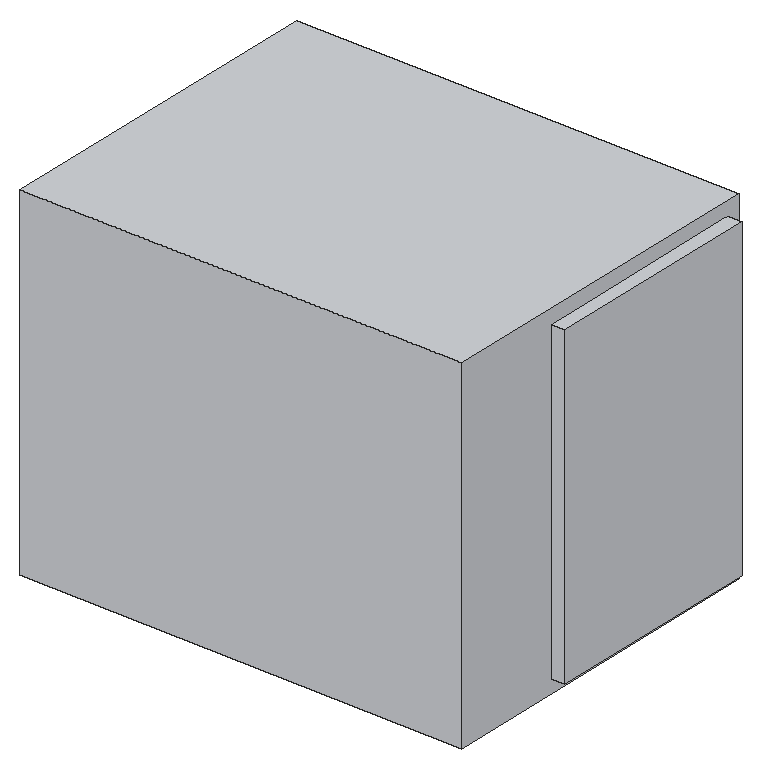
Revit family "M_AHU Módulo de inspeção - Grande", category Equipamento mecânico, Revit 2019
Family settings
  Cota do conector redondo = Utilizar diâmetro
  Tipo de parte = Normal
  Número OmniClass = 23.75.35.14
  Título OmniClass = Air Handling Units
  ID de item do Seek = AHU Inspection Module - Large-0000-CAN-ENU
  Com base no plano de trabalho = Não
  Sempre na vertical = Sim
  Corte com vazios quando carregada = Não
  Compartilhado = Não
  Ponto de cálculo do ambiente = Não
Parameters (values of type "Para 0,3 metros quadrados de serpentina")
  Material do módulo = none
  largura da inspeção = 625 mm
  Comprimento da inspeção = 800 mm
  Altura da inspeção = 625 mm
  Largura do duto = 800 mm
  Altura do duto = 625 mm
  Largura da porta = 400 mm
  Fluxo de ar [instance] = 705.0 L/s
Types (17, lengths in mm): name | largura da inspeção | Comprimento da inspeção | Altura da inspeção | Largura do duto | Altura do duto | Largura da porta | Fluxo de ar
  (no name) | 625 | 800 | 625 | 800 | 625 | 400 | 705.0 L/s
  Para 0,3 metros quadrados de serpentina | 625 | 800 | 625 | 800 | 625 | 400 | 705.0 L/s
  Para 0,6 metros quadrados de serpentina | 700 | 1100 | 700 | 1100 | 700 | 300 | 1410.0 L/s
  Para 0,7 metros quadrados de serpentina | 800 | 1200 | 800 | 1200 | 800 | 300 | 1880.0 L/s
  Para 0,9 metros quadrados de serpentina | 850 | 1500 | 850 | 1500 | 850 | 400 | 2350.0 L/s
  Para 1,1 metros quadrados de serpentina | 850 | 1600 | 950 | 1600 | 950 | 300 | 2820.0 L/s
  Para 1,3 metros quadrados de serpentina | 850 | 1700 | 1000 | 1700 | 1000 | 300 | 3290.0 L/s
  Para 1,6 metros quadrados de serpentina | 850 | 1850 | 1100 | 1850 | 1100 | 300 | 3995.0 L/s
  Para 2,0 metros quadrados de serpentina | 850 | 1900 | 1250 | 1900 | 1250 | 400 | 4935.0 L/s
  Para 2,3 metros quadrados de serpentina | 1000 | 1950 | 1400 | 1950 | 1400 | 400 | 5875.0 L/s
  Para 2,8 metros quadrados de serpentina | 1000 | 2300 | 1400 | 2300 | 1400 | 400 | 7050.0 L/s
  Para 3,3 metros quadrados de serpentina | 1200 | 2400 | 1550 | 2400 | 1550 | 400 | 8460.0 L/s
  Para 3,7 metros quadrados de serpentina | 1200 | 2750 | 1550 | 2750 | 1550 | 400 | 9400.0 L/s
  Para 4,6 metros quadrados de serpentina | 1200 | 3000 | 1850 | 3000 | 1850 | 400 | 11750.0 L/s
  Para 6,1 metros quadrados de serpentina | 1250 | 3500 | 2300 | 3500 | 2300 | 400 | 15510.0 L/s
  Para 7,4 metros quadrados de serpentina | 1350 | 3500 | 2750 | 3500 | 2750 | 400 | 18800.0 L/s
  Para 9,3 metros quadrados de serpentina | 1500 | 3850 | 3000 | 3850 | 3000 | 400 | 23500.0 L/s
Reference planes
  plane 1 "Centro (Frente/Trás)": y = 0
  plane 2: z = 0
  plane 3 "Centro (Esquerda/Direita)": x = 0
  plane 4: x = 400
  plane 5: x = -400
  plane 6: y = 625
  plane 7: z = 625
  plane 8: x = -425.4
  plane 9: x = 425.4
  plane 10: z = 599.6
  plane 11: y = 599.6
  plane 12: z = 25.4
  plane 13: y = 199.6
Forms (mm)
  Extrusion 1, solid, material <- "Material do módulo", detail levels medium+fine
    sketch origin (0, 0, 0) x (1, 0, 0) y (0, 1, 0)
      loop
        line (-400, 625) -> (-400, 0) -> (400, 0) -> (400, 625) -> (-400, 625)
    from 0 to 625
  Extrusion 2, solid, material <- "Material do módulo", detail levels medium+fine
    sketch origin (0, 0, 0) x (0, 1, 0) y (0, 0, 1)
      loop
        line (199.6, 599.6) -> (199.6, 25.4) -> (599.6, 25.4) -> (599.6, 599.6) -> (199.6, 599.6)
    from -425.4 to 425.4
  Extrusion 3, solid, material <- "Material do módulo", detail levels coarse
    sketch origin (0, 0, 0) x (1, 0, 0) y (0, 1, 0)
      loop
        line (-425.4, 625) -> (-425.4, 0) -> (425.4, 0) -> (425.4, 625) -> (-425.4, 625)
    from 0 to 625
Cuts and joins
  joined: Extrusion 1, Extrusion 2
Dimensions and locks
  equal spacing: plane 5, plane 3 "Centro (Esquerda/Direita)", plane 4
  "Comprimento da inspeção": plane 5 to plane 4
  "largura da inspeção": plane 1 "Centro (Frente/Trás)" to plane 6
  "Altura da inspeção": plane 7 to plane 2
  locked: plane 8 to plane 5 at 25.4
  locked: plane 4 to plane 9 at 25.4
  locked: plane 12 to plane 2 at 25.4
  locked: plane 7 to plane 10 at 25.4
  locked: plane 11 to plane 6 at 25.4
  "Largura da porta": plane 13 to plane 11
  aligned and locked: plane 5 to Extrusion 1 sketch curve
  aligned and locked: plane 6 to Extrusion 1 sketch curve
  aligned and locked: plane 1 "Centro (Frente/Trás)" to Extrusion 1 sketch curve
  aligned and locked: Extrusion 1 sketch curve to plane 4
  aligned and locked: Extrusion 1 to plane 2
  aligned and locked: plane 7 to Extrusion 1
  aligned and locked: plane 13 to Extrusion 2 sketch curve
  aligned and locked: Extrusion 2 sketch curve to plane 10
  aligned and locked: plane 12 to Extrusion 2 sketch curve
  aligned and locked: plane 11 to Extrusion 2 sketch curve
  aligned and locked: plane 9 to Extrusion 2
  aligned and locked: plane 8 to Extrusion 2
  aligned and locked: plane 8 to Extrusion 3 sketch curve
  aligned and locked: plane 6 to Extrusion 3 sketch curve
  aligned and locked: plane 1 "Centro (Frente/Trás)" to Extrusion 3 sketch curve
  aligned and locked: Extrusion 3 sketch curve to plane 9
  aligned and locked: Extrusion 3 to plane 2
  aligned and locked: plane 7 to Extrusion 3
Connectors
  hvac at (0, 0, 312.5), driven by "Altura do duto", driven by "Largura do duto", driven by "Fluxo de ar"
    settings: on Extrusion 1, index 1, duct flow 705.0 L/s, flow factor 0, pres drop 0.0 Pa, loss coef 0, conn angle 0.00°, conn width 800 mm, conn height 625 mm, conn diameter 609.6 mm, duct sys type 1, conn prof type 1, flow config 0, flow direction 0, loss method 0, conn ref index 2, conn util no, is conn primary yes, conn desc ""
  hvac at (0, 625, 312.5), driven by "Altura do duto", driven by "Largura do duto", driven by "Fluxo de ar"
    settings: on Extrusion 1, index 2, duct flow 705.0 L/s, flow factor 0, pres drop 0.0 Pa, loss coef 0, conn angle 0.00°, conn width 800 mm, conn height 625 mm, conn diameter 609.6 mm, duct sys type 1, conn prof type 1, flow config 0, flow direction 0, loss method 0, conn ref index 1, conn util no, is conn primary no, conn desc ""
